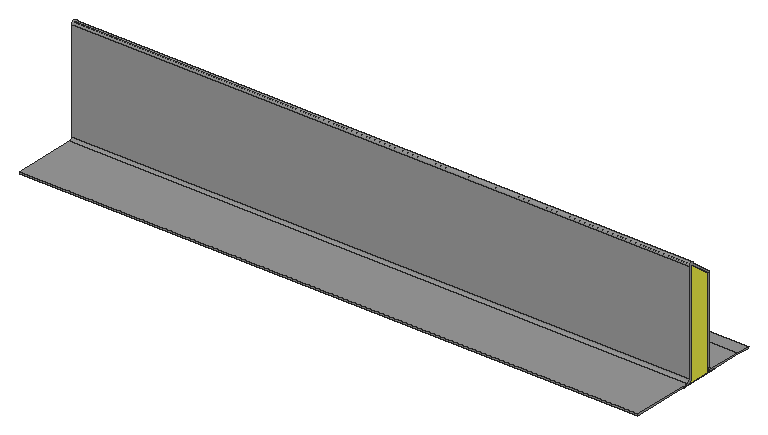
Revit family "XHD K WIL", category Generic Models, Revit 2014
Parameters (values of type "Max lintel length 2100mm")
  URL = "http://www.keystonelintels.co.uk"
  Structural Opening [instance] = 900 mm
  Structural Performance = "The Keystone lintel range has safe working loads as detailed in each applicable loading table in the Keystone Lintel Guide brochure. The structural performance figures within each table have been ascertained by testing in accordance with the requirements of standards BS EN 5977-2: 1983 and BS EN 845-2: 2003."
  RIBA Productor Selector = "available for Keystone Lintels Ltd from Keystone Lintels Ltd from ribaproductselector.com"
  Model = "XHD/K 50 WIL"
  Min Length = 600 mm
  Min Clear Span = 300 mm
  Max Length = 2100 mm
  Max Clear Span = 2100 mm
  Material - Stainless Steel = "Grade 304 2b 1.4307 to BS EN 10088-2. Other grades available on request: contact manufacturer."
  Material - Galvanised Steel = "To BS EN 10346: 2009. DX51D plus Z600 or grade Z275 to BS 5977-2: 1983 (BS EN 845-2: 2003)."
  Manufacturer = "Keystone"
  Manufactured Length [instance] = (roundup(Effective Length / 150 mm) * 150 mm)  # 1200 mm
  Lintel height [instance] = 2100 mm
  Keynote = "F30/755"
  Fire Performance = "Keystone lintels have been subjected to a fire test (WARRES No. 101263) in accordance with BS 476-20: 1987, at Exova Warrington Fire and achieved a one hour fire performance."
  End Bearing = 150 mm
  Effective Length [instance] = Clear Opening with MIN MAX set + End Bearing * 2  # 1200 mm
  Corrosion = "Keystone’s standard range of lintels are manufactured from high quality grade pre-galvanized carbon steel with a zinc coating of 600"
  Contact Tel = "+44 (0)28 8676 2184"
  Contact Email = "info@keystonelintels.co.uk"
  Clear Opening with MIN MAX set [instance] = if(Structural Opening < Min Clear Span, Min Clear Span, (if(Structural Opening > Max Clear Span, Max Clear Span, Structural Opening)))  # 900 mm
  CPD Information = "Available for Keystone Lintels Ltd from ribacpd.com"
Reference planes
  plane 1 "Center (Front/Back)": y = 0
  plane 2: z = 0
  plane 3 "Center (Left/Right)": x = 0
  plane 4: x = -600
  plane 5: x = 600
  plane 6: z = 2100
  plane 7: x = -450
  plane 8: x = 450
Forms (mm)
  Extrusion 1, solid, material "Steel"
    sketch origin (0, 700.7, -506.216) x (0, 1, 0) y (0, 0, 1)
      loop
        line (-608.041, 2606.216) -> (-583.097, 2605.355) -> (-582.986, 2608.553) -> (-607.986, 2609.416) -> (-672.986, 2609.416)
        arc (-672.986, 2609.416) -> (-676.522, 2610.881) -> (-677.986, 2614.416) r 5
        line (-677.986, 2614.416) -> (-677.986, 2778.496)
        arc (-677.986, 2778.496) -> (-678.473, 2780.693) -> (-679.842, 2782.478) r 5.2
        line (-679.842, 2782.478) -> (-717.442, 2814.048)
        arc (-717.442, 2814.048) -> (-722.983, 2814.779) -> (-725.986, 2810.066) r 5.2
        line (-725.986, 2810.066) -> (-725.986, 2614.416)
        arc (-725.986, 2614.416) -> (-727.451, 2610.881) -> (-730.986, 2609.416) r 5
        line (-730.986, 2609.416) -> (-850.986, 2609.416) -> (-850.986, 2606.216) -> (-730.986, 2606.216)
        arc (-730.986, 2606.216) -> (-725.188, 2608.618) -> (-722.786, 2614.416) r 8.2
        line (-722.786, 2614.416) -> (-722.786, 2810.066)
        arc (-722.786, 2810.066) -> (-721.631, 2811.879) -> (-719.5, 2811.598) r 2
        line (-719.5, 2811.598) -> (-681.9, 2780.028)
        arc (-681.9, 2780.028) -> (-681.373, 2779.341) -> (-681.186, 2778.496) r 2
        line (-681.186, 2778.496) -> (-681.186, 2614.416)
        arc (-681.186, 2614.416) -> (-678.784, 2608.618) -> (-672.986, 2606.216) r 8.2
        line (-672.986, 2606.216) -> (-608.041, 2606.216)
    from -600 to 600
  Extrusion 2, solid, material "Steel"
    sketch origin (0, 700.7, -506.216) x (0, 1, 0) y (0, 0, 1)
      loop
        line (-739.486, 2605.216) -> (-664.486, 2605.216) -> (-664.486, 2606.216) -> (-681.486, 2606.216) -> (-681.486, 2614.216) -> (-682.486, 2614.216) -> (-682.486, 2606.216) -> (-739.486, 2606.216) -> (-739.486, 2605.216)
    from -600 to 600
  Extrusion 3, solid, material "Insulation"
    sketch origin (0, 700.7, -506.216) x (0, 1, 0) y (0, 0, 1)
      loop
        line (-682.486, 2606.216) -> (-682.486, 2614.216) -> (-681.486, 2614.216) -> (-681.486, 2606.216) -> (-672.986, 2606.216)
        arc (-672.986, 2606.216) -> (-678.784, 2608.618) -> (-681.186, 2614.416) r 8.2
        line (-681.186, 2614.416) -> (-681.186, 2778.496)
        arc (-681.186, 2778.496) -> (-681.373, 2779.341) -> (-681.9, 2780.028) r 2
        line (-681.9, 2780.028) -> (-719.5, 2811.598)
        arc (-719.5, 2811.598) -> (-721.631, 2811.879) -> (-722.786, 2810.066) r 2
        line (-722.786, 2810.066) -> (-722.786, 2614.416)
        arc (-722.786, 2614.416) -> (-725.188, 2608.618) -> (-730.986, 2606.216) r 8.2
        line (-730.986, 2606.216) -> (-682.486, 2606.216)
    from -600 to 600
  Extrusion 4, solid, not visible
    sketch origin (0, 944.535, 1261.923) x (0, 1, 0) y (0, 0, 1)
      loop
        line (-608.041, 1006.216) -> (-583.097, 1005.355) -> (-582.986, 1008.553) -> (-607.986, 1009.416) -> (-672.986, 1009.416)
        arc (-672.986, 1009.416) -> (-676.522, 1010.881) -> (-677.986, 1014.416) r 5
        line (-677.986, 1014.416) -> (-677.986, 1178.496)
        arc (-677.986, 1178.496) -> (-678.473, 1180.693) -> (-679.842, 1182.478) r 5.2
        line (-679.842, 1182.478) -> (-717.442, 1214.048)
        arc (-717.442, 1214.048) -> (-722.983, 1214.779) -> (-725.986, 1210.066) r 5.2
        line (-725.986, 1210.066) -> (-725.986, 1014.416)
        arc (-725.986, 1014.416) -> (-727.451, 1010.881) -> (-730.986, 1009.416) r 5
        line (-730.986, 1009.416) -> (-850.986, 1009.416) -> (-850.986, 1006.216) -> (-730.986, 1006.216)
        arc (-730.986, 1006.216) -> (-725.188, 1008.618) -> (-722.786, 1014.416) r 8.2
        line (-722.786, 1014.416) -> (-722.786, 1210.066)
        arc (-722.786, 1210.066) -> (-721.631, 1211.879) -> (-719.5, 1211.598) r 2
        line (-719.5, 1211.598) -> (-681.9, 1180.028)
        arc (-681.9, 1180.028) -> (-681.373, 1179.341) -> (-681.186, 1178.496) r 2
        line (-681.186, 1178.496) -> (-681.186, 1014.416)
        arc (-681.186, 1014.416) -> (-678.784, 1008.618) -> (-672.986, 1006.216) r 8.2
        line (-672.986, 1006.216) -> (-608.041, 1006.216)
    from 0 to 250
  Extrusion 5, solid, not visible
    sketch origin (0, 539.555, 1193.134) x (0, 1, 0) y (0, 0, 1)
      loop
        line (-739.486, 1005.216) -> (-664.486, 1005.216) -> (-664.486, 1006.216) -> (-681.486, 1006.216) -> (-681.486, 1014.216) -> (-682.486, 1014.216) -> (-682.486, 1006.216) -> (-739.486, 1006.216) -> (-739.486, 1005.216)
    from 0 to 250
  Extrusion 6, solid, not visible
    sketch origin (0, 923.918, 789.593) x (0, 1, 0) y (0, 0, 1)
      loop
        line (-682.486, 1006.216) -> (-682.486, 1014.216) -> (-681.486, 1014.216) -> (-681.486, 1006.216) -> (-672.986, 1006.216)
        arc (-672.986, 1006.216) -> (-678.784, 1008.618) -> (-681.186, 1014.416) r 8.2
        line (-681.186, 1014.416) -> (-681.186, 1178.496)
        arc (-681.186, 1178.496) -> (-681.373, 1179.341) -> (-681.9, 1180.028) r 2
        line (-681.9, 1180.028) -> (-719.5, 1211.598)
        arc (-719.5, 1211.598) -> (-721.631, 1211.879) -> (-722.786, 1210.066) r 2
        line (-722.786, 1210.066) -> (-722.786, 1014.416)
        arc (-722.786, 1014.416) -> (-725.188, 1008.618) -> (-730.986, 1006.216) r 8.2
        line (-730.986, 1006.216) -> (-682.486, 1006.216)
    from 0 to 250
Dimensions and locks
  equal spacing: plane 4, plane 3 "Center (Left/Right)", plane 5
  "Manufactured Length": plane 4 to plane 5
  "Lintel height": plane 6 to level
  "Structural Opening": plane 7 to plane 8
  equal spacing: plane 7, plane 3 "Center (Left/Right)", plane 8
  aligned and locked: level to plane 2
  aligned and locked: Extrusion 1 to plane 6
  aligned and locked: Extrusion 3 to plane 6
  aligned and locked: plane 6 to Extrusion 2
  aligned and locked: plane 5 to Extrusion 1
  aligned and locked: Extrusion 1 to plane 4
  aligned and locked: plane 5 to Extrusion 3
  aligned and locked: Extrusion 3 to plane 4
  aligned and locked: plane 5 to Extrusion 2
  aligned and locked: Extrusion 2 to plane 4
Automatic sketch dimensions
  Extrusion 1 sketch curve to Extrusion 1 sketch curve = 64.945 mm
  Extrusion 1 sketch curve to Extrusion 1 sketch curve = 24.945 mm
  Extrusion 1 sketch curve to Extrusion 1 sketch curve = 0.861 mm
  Extrusion 1 sketch curve to Extrusion 1 sketch curve = 0.11 mm
  Extrusion 1 sketch curve to Extrusion 1 sketch curve = 0.055 mm
  Extrusion 1 sketch curve to Extrusion 1 sketch curve = 5 mm  (x2)
  Extrusion 1 sketch curve to Extrusion 1 sketch curve = 164.08 mm
  Extrusion 1 sketch curve to Extrusion 1 sketch curve = 2 mm
  Extrusion 1 sketch curve to Extrusion 1 sketch curve = 0.714 mm
  Extrusion 1 sketch curve to Extrusion 1 sketch curve = 37.6 mm
  Extrusion 1 sketch curve to Extrusion 1 sketch curve = 31.57 mm
  Extrusion 1 sketch curve to Extrusion 1 sketch curve = 0 mm  (x17)
  Extrusion 1 sketch curve to Extrusion 1 sketch curve = 2.058 mm  (x2)
  Extrusion 1 sketch curve to Extrusion 1 sketch curve = 2.451 mm
  Extrusion 1 sketch curve to Extrusion 1 sketch curve = 1.286 mm
  Extrusion 1 sketch curve to Extrusion 1 sketch curve = 1.532 mm
  Extrusion 1 sketch curve to Extrusion 1 sketch curve = 120 mm
  Extrusion 2 sketch curve to Extrusion 2 sketch curve = 75 mm
  Extrusion 2 sketch curve to Extrusion 2 sketch curve = 1 mm  (x2)
  Extrusion 2 sketch curve to Extrusion 2 sketch curve = 17 mm
  Extrusion 2 sketch curve to Extrusion 2 sketch curve = 8 mm
  Extrusion 2 sketch curve to Extrusion 2 sketch curve = 0 mm
  Extrusion 3 sketch curve to Extrusion 3 sketch curve = 48.5 mm
  Extrusion 3 sketch curve to Extrusion 3 sketch curve = 8 mm
  Extrusion 3 sketch curve to Extrusion 3 sketch curve = 1 mm
  Extrusion 3 sketch curve to Extrusion 3 sketch curve = 0 mm  (x2)
  Extrusion 3 sketch curve to Extrusion 3 sketch curve = 8.5 mm  (x2)
  Extrusion 3 sketch curve to Extrusion 3 sketch curve = 8.2 mm  (x3)
  Extrusion 3 sketch curve to Extrusion 3 sketch curve = 164.08 mm
  Extrusion 3 sketch curve to Extrusion 3 sketch curve = 31.57 mm
  Extrusion 3 sketch curve to Extrusion 3 sketch curve = 2 mm
  Extrusion 3 sketch curve to Extrusion 3 sketch curve = 0.714 mm
  Extrusion 3 sketch curve to Extrusion 3 sketch curve = 3.286 mm
  Extrusion 3 sketch curve to Extrusion 3 sketch curve = 1.532 mm
  Extrusion 3 sketch curve to Extrusion 3 sketch curve = 0.2 mm
  Extrusion 4 sketch curve to Extrusion 4 sketch curve = 64.945 mm
  Extrusion 4 sketch curve to Extrusion 4 sketch curve = 24.945 mm
  Extrusion 4 sketch curve to Extrusion 4 sketch curve = 0.861 mm
  Extrusion 4 sketch curve to Extrusion 4 sketch curve = 0.11 mm
  Extrusion 4 sketch curve to Extrusion 4 sketch curve = 0.055 mm
  Extrusion 4 sketch curve to Extrusion 4 sketch curve = 5 mm  (x2)
  Extrusion 4 sketch curve to Extrusion 4 sketch curve = 0 mm  (x17)
  Extrusion 4 sketch curve to Extrusion 4 sketch curve = 164.08 mm
  Extrusion 4 sketch curve to Extrusion 4 sketch curve = 2 mm
  Extrusion 4 sketch curve to Extrusion 4 sketch curve = 0.714 mm
  Extrusion 4 sketch curve to Extrusion 4 sketch curve = 37.6 mm
  Extrusion 4 sketch curve to Extrusion 4 sketch curve = 31.57 mm
  Extrusion 4 sketch curve to Extrusion 4 sketch curve = 2.058 mm  (x2)
  Extrusion 4 sketch curve to Extrusion 4 sketch curve = 2.451 mm
  Extrusion 4 sketch curve to Extrusion 4 sketch curve = 1.286 mm
  Extrusion 4 sketch curve to Extrusion 4 sketch curve = 1.532 mm
  Extrusion 4 sketch curve to Extrusion 4 sketch curve = 120 mm
  Extrusion 5 sketch curve to Extrusion 5 sketch curve = 75 mm
  Extrusion 5 sketch curve to Extrusion 5 sketch curve = 1 mm  (x2)
  Extrusion 5 sketch curve to Extrusion 5 sketch curve = 17 mm
  Extrusion 5 sketch curve to Extrusion 5 sketch curve = 8 mm
  Extrusion 5 sketch curve to Extrusion 5 sketch curve = 0 mm
  Extrusion 6 sketch curve to Extrusion 6 sketch curve = 48.5 mm
  Extrusion 6 sketch curve to Extrusion 6 sketch curve = 8 mm
  Extrusion 6 sketch curve to Extrusion 6 sketch curve = 1 mm
  Extrusion 6 sketch curve to Extrusion 6 sketch curve = 0 mm  (x2)
  Extrusion 6 sketch curve to Extrusion 6 sketch curve = 8.5 mm  (x2)
  Extrusion 6 sketch curve to Extrusion 6 sketch curve = 8.2 mm  (x3)
  Extrusion 6 sketch curve to Extrusion 6 sketch curve = 164.08 mm
  Extrusion 6 sketch curve to Extrusion 6 sketch curve = 31.57 mm
  Extrusion 6 sketch curve to Extrusion 6 sketch curve = 2 mm
  Extrusion 6 sketch curve to Extrusion 6 sketch curve = 0.714 mm
  Extrusion 6 sketch curve to Extrusion 6 sketch curve = 3.286 mm
  Extrusion 6 sketch curve to Extrusion 6 sketch curve = 1.532 mm
  Extrusion 6 sketch curve to Extrusion 6 sketch curve = 0.2 mm
  Extrusion 3 sketch curve to plane 6 = 0 mm
  plane 1 "Center (Front/Back)" to Extrusion 3 sketch curve = 30.286 mm
  Extrusion 1 sketch curve to plane 6 = 0 mm
  plane 1 "Center (Front/Back)" to Extrusion 1 sketch curve = 150.286 mm
  Extrusion 2 sketch curve to plane 6 = 0 mm
  plane 1 "Center (Front/Back)" to Extrusion 2 sketch curve = 38.786 mm
